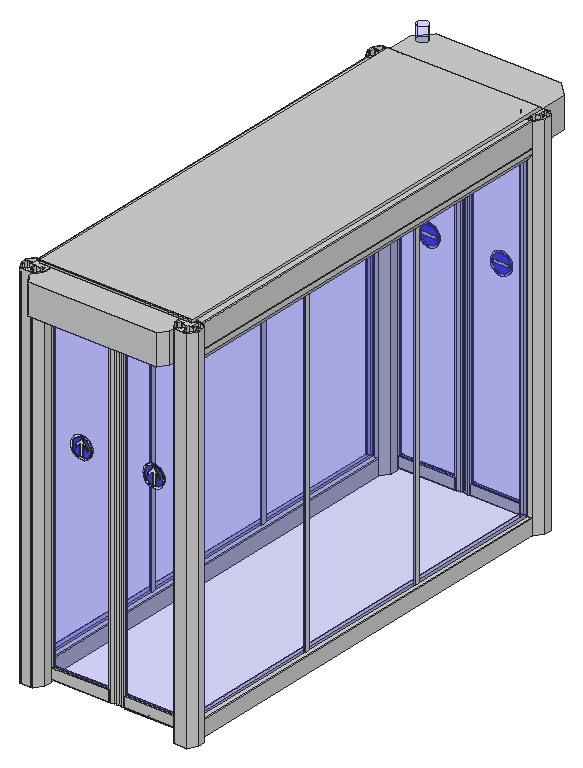
Revit family "agtatec_Record_ScrtTnnl_FlipFlowTwin_Standalone2", category Doors, Revit 2015 (continued)
Definition of nested family "Extended"
  Lines and regions (mm)
    reference lines
      curve 4: line (485.75, 839.45, 0) -> (485.75, 839.45, 100)
      curve 5: line (-485.75, 839.45, 0) -> (-135.75, 839.45, 0)
      curve 6: line (-485.75, 839.45, 0) -> (-485.75, 839.45, 100)
    symbolic lines, detail levels medium+fine
      curve 7: line (-525.9, 1978.45, 0) -> (-537.9, 1978.45, 0)
      curve 8: line (-537.9, 1978.45, 0) -> (-537.9, 17.45, 0)
      curve 9: line (-525.9, 17.45, 0) -> (-525.9, 1978.45, 0)
      curve 10: line (-568.8, 697.45, 0) -> (-537.9, 697.45, 0)
      curve 11: line (-525.9, 697.45, 0) -> (-495, 697.45, 0)
      curve 12: line (-568.8, 981.45, 0) -> (-537.9, 981.45, 0)
      curve 13: line (-525.9, 981.45, 0) -> (-495, 981.45, 0)
      curve 14: line (525.9, 1978.45, 0) -> (525.9, 17.45, 0)
      curve 15: line (537.9, 17.45, 0) -> (537.9, 1978.45, 0)
      curve 16: line (537.9, 1978.45, 0) -> (525.9, 1978.45, 0)
      curve 17: line (525.9, 981.45, 0) -> (495, 981.45, 0)
      curve 18: line (569, 981.45, 0) -> (537.9, 981.45, 0)
      curve 19: line (495, 697.45, 0) -> (525.9, 697.45, 0)
      curve 20: line (537.9, 697.45, 0) -> (569, 697.45, 0)
    symbolic lines, detail levels fine
      curve 21: arc (-518.25, 839.45, 0) -> (-485.75, 806.95, 0) -> (-453.25, 839.45, 0) r 32.5
      curve 22: arc (-453.25, 839.45, 0) -> (-485.75, 871.95, 0) -> (-518.25, 839.45, 0) r 32.5
      curve 23: arc (-506.95, 839.45, 0) -> (-485.75, 818.25, 0) -> (-464.55, 839.45, 0) r 21.2
      curve 24: arc (-464.55, 839.45, 0) -> (-485.75, 860.65, 0) -> (-506.95, 839.45, 0) r 21.2
      curve 25: arc (453.25, 839.45, 0) -> (485.75, 806.95, 0) -> (518.25, 839.45, 0) r 32.5
      curve 26: arc (518.25, 839.45, 0) -> (485.75, 871.95, 0) -> (453.25, 839.45, 0) r 32.5
      curve 27: arc (464.55, 839.45, 0) -> (485.75, 818.25, 0) -> (506.95, 839.45, 0) r 21.2
      curve 28: arc (506.95, 839.45, 0) -> (485.75, 860.65, 0) -> (464.55, 839.45, 0) r 21.2
  Dimensions and locks
    plane 5 "PH" to plane 2 = 2150.00 mm
    plane 4 "Top" to plane 5 "PH" = 211.00 mm
    equal spacing: plane 6, plane 3 "Center (Left/Right)", plane 7
    "PassageWidth": plane 6 to plane 7
    locked: plane 8 "Right" to plane 9 at 8.2
    locked: plane 10 "Left" to plane 11 at 8.2
    locked: plane 1 "Entry" to plane 12 at 9.35
    locked: plane 12 to plane 13 at 8.1
    locked: plane 5 "PH" to plane 15 at 19.1
    locked: Extrusion 1 sketch curve to plane 8 "Right" at 32.8
    locked: plane 9 to Extrusion 1 sketch curve at 33
    locked: plane 11 to Extrusion 2 sketch curve at 32.8
    locked: Extrusion 2 sketch curve to plane 10 "Left" at 33
    locked: Extrusion 3 sketch curve to plane 8 "Right" at 79.8
    locked: plane 9 to Extrusion 3 sketch curve at 80
    locked: plane 7 to plane 8 "Right" at 78.05
    locked: plane 10 "Left" to plane 6 at 78.05
    locked: plane 7 to plane 17 at 36
    locked: plane 6 to plane 18 at 36
    "PanelWidth": Sweep 11 sketch curve to curve 4
    "PanelWidth": Sweep 17 sketch curve to curve 6
    "OpeningRotationAngle": angle plane 16 to curve 5
    "OpeningRotationAngle": angle curve 3 to plane 16
    aligned and locked: level to plane 2
    aligned and locked: plane 11 to curve 1
    aligned and locked: curve 2 to plane 9
    aligned and locked: plane 17 to curve 3
    aligned and locked: plane 16 to curve 3
    aligned and locked: plane 17 to Extrusion 7 sketch curve
    aligned and locked: plane 16 to Extrusion 7 sketch curve
    aligned and locked: plane 18 to Extrusion 8 sketch curve
    aligned and locked: plane 16 to Extrusion 8 sketch curve
    aligned and locked: plane 18 to Extrusion 9 sketch curve
    aligned and locked: plane 16 to Extrusion 9 sketch curve
    aligned and locked: plane 16 to Extrusion 10 sketch curve
    aligned and locked: plane 17 to Extrusion 10 sketch curve
    aligned and locked: Extrusion 14 sketch curve to Extrusion 13  (x11)
    aligned and locked: Extrusion 16 sketch curve to Extrusion 15  (x6)
    aligned and locked: Extrusion 20 sketch curve to Extrusion 19  (x11)
    aligned and locked: Extrusion 22 sketch curve to Extrusion 21  (x6)
    aligned and locked: plane 18 to curve 6
    aligned and locked: plane 16 to curve 6
    aligned and locked: Masking region 1 sketch curve to cut or joined group of Extrusion 2, Extrusion 4  (x8)
    aligned and locked: cut or joined group of Extrusion 2, Extrusion 4 to Masking region 1 sketch curve  (x2)
    aligned and locked: curve 7 to Extrusion 6
    aligned and locked: curve 8 to Extrusion 6
    aligned and locked: curve 9 to Extrusion 6
    aligned and locked: cut or joined group of Extrusion 2, Extrusion 4 to curve 10
    aligned and locked: curve 13 to cut or joined group of Extrusion 2, Extrusion 4
    aligned and locked: curve 12 to cut or joined group of Extrusion 2, Extrusion 4
    aligned and locked: Masking region 2 sketch curve to cut or joined group of Extrusion 1, Extrusion 3  (x8)
    aligned and locked: cut or joined group of Extrusion 1, Extrusion 3 to Masking region 2 sketch curve  (x4)
    aligned and locked: curve 14 to Extrusion 5
    aligned and locked: curve 15 to Extrusion 5
    aligned and locked: curve 16 to Extrusion 5
    aligned and locked: cut or joined group of Extrusion 1, Extrusion 3 to curve 17
    aligned and locked: cut or joined group of Extrusion 1, Extrusion 3 to curve 18
    aligned and locked: cut or joined group of Extrusion 1, Extrusion 3 to curve 19
    aligned and locked: cut or joined group of Extrusion 1, Extrusion 3 to curve 20
    aligned and locked: curve 21 to cut or joined group of Extrusion 8, Extrusion 9, Sweep 17
    aligned and locked: curve 22 to cut or joined group of Extrusion 8, Extrusion 9, Sweep 17
    aligned and locked: curve 23 to cut or joined group of Extrusion 8, Extrusion 9, Sweep 17
    aligned and locked: curve 24 to cut or joined group of Extrusion 8, Extrusion 9, Sweep 17
    aligned and locked: curve 25 to cut or joined group of Extrusion 7, Extrusion 10, Sweep 11
    aligned and locked: curve 26 to cut or joined group of Extrusion 7, Extrusion 10, Sweep 11
    aligned and locked: curve 27 to cut or joined group of Extrusion 7, Extrusion 10, Sweep 11
    aligned and locked: curve 28 to cut or joined group of Extrusion 7, Extrusion 10, Sweep 11
  Automatic sketch dimensions
    plane 1 "Entry" to curve 1 = 0.00 mm
    plane 13 to curve 1 = 0.00 mm
    plane 1 "Entry" to curve 2 = 0.00 mm
    plane 13 to curve 2 = 0.00 mm
    Extrusion 1 sketch curve to level = 0.00 mm
    Extrusion 1 sketch curve to Extrusion 1 sketch curve = 4.00 mm  (x2)
    plane 14 to Extrusion 1 sketch curve = 32.10 mm
    Extrusion 2 sketch curve to level = 0.00 mm
    Extrusion 2 sketch curve to Extrusion 2 sketch curve = 4.00 mm  (x2)
    plane 14 to Extrusion 2 sketch curve = 32.10 mm
    Extrusion 3 sketch curve to level = 0.00 mm
    Extrusion 3 sketch curve to plane 7 = 2.25 mm
    Extrusion 3 sketch curve to Extrusion 3 sketch curve = 4.00 mm
    plane 14 to Extrusion 3 sketch curve = 293.10 mm
    Extrusion 4 sketch curve to level = 0.00 mm
    plane 6 to Extrusion 4 sketch curve = 1.75 mm
    Extrusion 4 sketch curve to plane 6 = 2.25 mm
    plane 11 to Extrusion 4 sketch curve = 76.00 mm
    Extrusion 4 sketch curve to Extrusion 4 sketch curve = 4.00 mm
    Extrusion 4 sketch curve to plane 14 = 293.10 mm
    curve 4 to curve 3 = 0.00 mm  (x2)
    curve 3 to curve 4 = 100.00 mm
    Sweep 11 sketch curve to curve 3 = 0.00 mm  (x2)
    curve 3 to Sweep 11 sketch curve = 649.90 mm
    curve 3 to Sweep 11 sketch curve = 909.90 mm
    Sweep 11 sketch curve to Sweep 11 sketch curve = 75.00 mm  (x2)
    Sweep 11 sketch curve to profile plane = 0.00 mm  (x2)
    curve 3 to Extrusion 12 sketch curve = 80.00 mm
    Extrusion 12 sketch curve to curve 3 = 30.00 mm
    curve 3 to Extrusion 12 sketch curve = 664.90 mm
    curve 3 to Extrusion 12 sketch curve = 894.90 mm
    Extrusion 13 sketch curve to Extrusion 13 sketch curve = 0.00 mm  (x3)
    curve 3 to Extrusion 13 sketch curve = 160.018 mm
    Extrusion 13 sketch curve to Extrusion 13 sketch curve = 29.987 mm  (x2)
    Extrusion 13 sketch curve to Extrusion 13 sketch curve = 9.997 mm  (x2)
    Extrusion 13 sketch curve to Extrusion 13 sketch curve = 19.991 mm
    curve 3 to Extrusion 13 sketch curve = 727.779 mm
    Extrusion 13 sketch curve to Extrusion 13 sketch curve = 42.884 mm
    Extrusion 13 sketch curve to Extrusion 13 sketch curve = 42.897 mm
    Extrusion 13 sketch curve to Extrusion 13 sketch curve = 12.099 mm
    Extrusion 13 sketch curve to Extrusion 13 sketch curve = 19.445 mm  (x2)
    Extrusion 13 sketch curve to Extrusion 13 sketch curve = 23.638 mm
    Extrusion 13 sketch curve to Extrusion 13 sketch curve = 31.36 mm
    Extrusion 15 sketch curve to Extrusion 15 sketch curve = 0.00 mm  (x2)
    curve 3 to Extrusion 15 sketch curve = 145.003 mm
    Extrusion 15 sketch curve to Extrusion 15 sketch curve = 54.999 mm
    Extrusion 15 sketch curve to Extrusion 15 sketch curve = 54.997 mm
    curve 3 to Extrusion 15 sketch curve = 772.78 mm
    Extrusion 15 sketch curve to Extrusion 15 sketch curve = 9.994 mm
    Extrusion 15 sketch curve to Extrusion 15 sketch curve = 19.991 mm
    curve 6 to curve 5 = 0.00 mm  (x2)
    curve 5 to curve 6 = 100.00 mm
    Sweep 17 sketch curve to curve 5 = 0.00 mm  (x2)
    curve 5 to Sweep 17 sketch curve = 649.90 mm
    curve 5 to Sweep 17 sketch curve = 909.90 mm
    Sweep 17 sketch curve to Sweep 17 sketch curve = 75.00 mm  (x2)
    Sweep 17 sketch curve to profile plane = 0.00 mm  (x2)
    curve 5 to Extrusion 18 sketch curve = 80.00 mm
    Extrusion 18 sketch curve to curve 5 = 30.00 mm
    curve 5 to Extrusion 18 sketch curve = 664.90 mm
    curve 5 to Extrusion 18 sketch curve = 894.90 mm
    Extrusion 19 sketch curve to Extrusion 19 sketch curve = 0.00 mm  (x3)
    curve 5 to Extrusion 19 sketch curve = 160.018 mm
    Extrusion 19 sketch curve to Extrusion 19 sketch curve = 29.987 mm  (x2)
    Extrusion 19 sketch curve to Extrusion 19 sketch curve = 9.997 mm  (x2)
    Extrusion 19 sketch curve to Extrusion 19 sketch curve = 19.991 mm
    curve 5 to Extrusion 19 sketch curve = 727.779 mm
    Extrusion 19 sketch curve to Extrusion 19 sketch curve = 42.884 mm
    Extrusion 19 sketch curve to Extrusion 19 sketch curve = 42.897 mm
    Extrusion 19 sketch curve to Extrusion 19 sketch curve = 12.099 mm
    Extrusion 19 sketch curve to Extrusion 19 sketch curve = 19.445 mm  (x2)
    Extrusion 19 sketch curve to Extrusion 19 sketch curve = 23.638 mm
    Extrusion 19 sketch curve to Extrusion 19 sketch curve = 31.36 mm
    Extrusion 21 sketch curve to Extrusion 21 sketch curve = 0.00 mm  (x2)
    curve 5 to Extrusion 21 sketch curve = 145.003 mm
    Extrusion 21 sketch curve to Extrusion 21 sketch curve = 54.999 mm
    Extrusion 21 sketch curve to Extrusion 21 sketch curve = 54.997 mm
    curve 5 to Extrusion 21 sketch curve = 772.78 mm
    Extrusion 21 sketch curve to Extrusion 21 sketch curve = 9.994 mm
    Extrusion 21 sketch curve to Extrusion 21 sketch curve = 19.991 mm
    curve 8 to curve 1 = 0.00 mm
    curve 1 to curve 9 = 0.00 mm
    curve 9 to curve 1 = 10.10 mm
    curve 1 to curve 8 = 1.90 mm
    curve 10 to curve 1 = 32.80 mm
    curve 10 to curve 11 = 0.00 mm
    curve 1 to curve 13 = 41.00 mm
    curve 11 to curve 13 = 284.00 mm
    curve 12 to curve 8 = 997.00 mm
    curve 11 to curve 11 = 30.90 mm
    curve 12 to curve 12 = 30.90 mm
    Extrusion 5 sketch curve to plane 13 = 0.00 mm
    plane 14 to Extrusion 5 sketch curve = 36.10 mm  (x2)
    plane 16 to Extrusion 5 sketch curve = 142.00 mm
    Extrusion 5 sketch curve to plane 16 = 142.00 mm
    Extrusion 5 sketch curve to plane 16 = 1039.00 mm
    Extrusion 5 sketch curve to Extrusion 5 sketch curve = 100.00 mm
    Extrusion 5 sketch curve to Extrusion 5 sketch curve = 261.00 mm
    Extrusion 5 sketch curve to Extrusion 5 sketch curve = 832.00 mm
    Extrusion 6 sketch curve to plane 13 = 0.00 mm
    Extrusion 6 sketch curve to plane 14 = 36.10 mm  (x2)
    Extrusion 6 sketch curve to plane 16 = 142.00 mm
    plane 16 to Extrusion 6 sketch curve = 142.00 mm
    plane 16 to Extrusion 6 sketch curve = 1039.00 mm
    Extrusion 6 sketch curve to Extrusion 6 sketch curve = 100.00 mm
    Extrusion 6 sketch curve to Extrusion 6 sketch curve = 261.00 mm
    Extrusion 6 sketch curve to Extrusion 6 sketch curve = 832.00 mm
    Masking region 1 sketch curve to Masking region 1 sketch curve = 0.00 mm
    curve 1 to Masking region 1 sketch curve = 41.20 mm
    curve 14 to curve 2 = 0.00 mm
    curve 2 to curve 15 = 0.00 mm
    curve 15 to curve 2 = 1.90 mm
    curve 2 to curve 14 = 10.10 mm
    curve 15 to curve 20 = 680.00 mm
    curve 19 to curve 20 = 0.00 mm
    curve 19 to curve 17 = 284.00 mm
    curve 17 to curve 18 = 0.00 mm
    curve 18 to curve 16 = 997.00 mm
    curve 20 to curve 20 = 31.10 mm
    curve 18 to curve 18 = 31.10 mm
    curve 17 to curve 17 = 30.90 mm
    curve 19 to curve 19 = 30.90 mm
    plane 16 to curve 5 = 0.00 mm
    curve 5 to plane 18 = 0.00 mm
    radius of Extrusion 7 sketch curve = 21.20 mm
    radius of Sweep 11 sketch curve = 15.00 mm
    radius of Extrusion 13 sketch curve = 75.00 mm
    radius of Extrusion 13 sketch curve = 65.00 mm
    radius of Extrusion 15 sketch curve = 75.00 mm
    radius of Extrusion 15 sketch curve = 65.00 mm
    radius of Sweep 17 sketch curve = 15.00 mm
    radius of Extrusion 19 sketch curve = 75.00 mm
    radius of Extrusion 19 sketch curve = 65.00 mm
    radius of Extrusion 21 sketch curve = 75.00 mm
    radius of Extrusion 21 sketch curve = 65.00 mm
    radius of Extrusion 8 sketch curve = 21.20 mm
    radius of Extrusion 9 sketch curve = 32.50 mm
    radius of Extrusion 10 sketch curve = 32.50 mm
Types (9, lengths in mm): name | Width | WarrantyStartDate | URL | Size | Rough Width | PassageWidthOptions | PassageWidth | PanelWidth | NominalWidth | NominalLength | Name | NBSReference | IsExternal | InstallationDate | HandicapAccessible | Function | Extended
  (no name) | 1229.00 | "367.999988368056" | "" | "2365x3526x1229" | 1229.00 | "650/900/1100/1203" | 900.00 | 473.10 | 1229.00 | 3526.00 | "record FlipFlow Twin" | "25-50-20/176" | no | "367.999988368056" | yes | 1 | no
  FlipFlow Twin extended_1429 | 1429.00 | "368.999988368056" | "" | "2365x5242x1429" | 1429.00 | "650/900/1100/1204" | 1100.00 | 573.10 | 1429.00 | 5242.00 | "record FlipFlow Twin extended" | "25-50-20/177" | no | "368.999988368056" | yes | Exterior | yes
  FlipFlow Twin extended_979 | 979.00 | "368.999988368056" | "" | "2365x5242x979" | 979.00 | "650/900/1100/1204" | 650.00 | 348.10 | 979.00 | 5242.00 | "record FlipFlow Twin extended" | "25-50-20/177" | yes | "368.999988368056" | no | Exterior | yes
  FlipFlow Twin_979 | 979.00 | "367.999988368056" | "" | "2365x3526x979" | 979.00 | "650/900/1100/1203" | 650.00 | 348.10 | 979.00 | 3526.00 | "record FlipFlow Twin" | "25-50-20/176" | no | "367.999988368056" | no | Exterior | no
  FlipFlow Twin extended_1529 | 1529.00 | "368.999988368056" | "" | "2365x5242x1529" | 1529.00 | "650/900/1100/1204" | 1200.00 | 623.10 | 1529.00 | 5242.00 | "record FlipFlow Twin extended" | "25-50-20/177" | no | "368.999988368056" | yes | Exterior | yes
  FlipFlow Twin_1529 | 1529.00 | "367.999988368056" | "" | "2365x3526x1529" | 1529.00 | "650/900/1100/1203" | 1200.00 | 623.10 | 1529.00 | 3526.00 | "record FlipFlow Twin" | "25-50-20/176" | no | "367.999988368056" | yes | Exterior | no
  FlipFlow Twin_1429 | 1429.00 | "367.999988368056" | "" | "2365x3526x1429" | 1429.00 | "650/900/1100/1203" | 1100.00 | 573.10 | 1429.00 | 3526.00 | "record FlipFlow Twin" | "25-50-20/176" | no | "367.999988368056" | yes | Exterior | no
  FlipFlow Twin_1229 | 1229.00 | "367.999988368056" | "" | "2365x3526x1229" | 1229.00 | "650/900/1100/1203" | 900.00 | 473.10 | 1229.00 | 3526.00 | "record FlipFlow Twin" | "25-50-20/176" | no | "367.999988368056" | yes | Exterior | no
  FlipFlow Twin extended_1229 | 1229.00 | "368.999988368056" | "www.agta-record.com" | "2365x5242x1229" | 1229.00 | "650/900/1100/1204" | 900.00 | 473.10 | 1229.00 | 5242.00 | "record FlipFlow Twin extended" | "25-50-20/177" | no | "368.999988368056" | yes | Interior | yes
